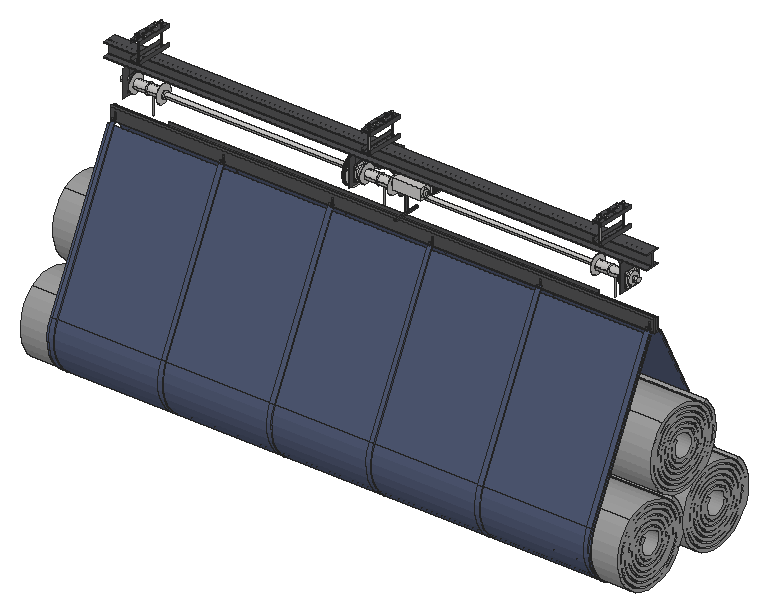
Revit family "Wrestling_Mat_Storage-PSS-4091", category Specialty Equipment, Revit 2019 (continued)
Definition of nested family "Wrestling_Mat_Storage-Hoist-PSS"
  Forms (in)
    Extrusion 16, solid, detail levels medium+fine
      from -6 to 6
    Extrusion 17, solid, detail levels medium+fine
      sketch origin (4.8125, 0, -284.25) x (0, 1, 0) y (0, 0, 1)
        loop
          circle (0, 284.25) r 1
        loop
          circle (0, 284.25) r 1.5
      from 1.375 to 2.375
    Extrusion 18, solid, detail levels medium+fine
      sketch origin (-4.8125, 0, -284.25) x (0, 1, 0) y (0, 0, -1)
        loop
          circle (0, -284.25) r 1
        loop
          circle (0, -284.25) r 1.5
      from 1.375 to 2.375
    Extrusion 19, solid, material <- "Superstructure Finish", detail levels medium+fine
      sketch origin (-2.4375, 0, -6.375) x (0, 1, 0) y (0, 0, -1)
        loop
          line (5, -13.625) -> (5, -1.625) -> (-5, -1.625) -> (-5, -13.625) -> (5, -13.625)
        loop
          circle (2.5625, -8.9375) r 0.25
        loop
          circle (-2.5625, -8.9375) r 0.25
        loop
          circle (2.5625, -3.8125) r 0.25
        loop
          circle (-2.5625, -3.8125) r 0.25
        loop
          circle (0, -6.375) r 1
      from 7.1875 to 7.5625
    Extrusion 20, solid, material <- "Superstructure Finish", detail levels medium+fine
      sketch origin (-1.9375, 1.90625, 0) x (1, 0, 0) y (0, 0, -1)
        loop
          line (-7.6875, -7.25) -> (-3.6875, -7.25) -> (-7.6875, -3.25) -> (-7.6875, -7.25)
      from 0 to 0.25
    Extrusion 21, solid, material <- "Superstructure Finish", detail levels medium+fine
      sketch origin (-1.9375, -1.90625, 0) x (1, 0, 0) y (0, 0, 1)
        loop
          line (-7.6875, 7.25) -> (-7.6875, 3.25) -> (-3.6875, 7.25) -> (-7.6875, 7.25)
      from 0 to 0.25
    Extrusion 22, solid, detail levels medium+fine
      sketch origin (-17.6875, 0, 0) x (0, 1, 0) y (0, 0, -1)
        loop
          arc (2.5625, -3.1875) -> (3.00444, -3.00444) -> (3.1875, -2.5625) r 0.625
          line (3.1875, -2.5625) -> (3.1875, 2.5625)
          arc (3.1875, 2.5625) -> (3.00444, 3.00444) -> (2.5625, 3.1875) r 0.625
          line (2.5625, 3.1875) -> (-2.5625, 3.1875)
          arc (-2.5625, 3.1875) -> (-3.00444, 3.00444) -> (-3.1875, 2.5625) r 0.625
          line (-3.1875, 2.5625) -> (-3.1875, -2.5625)
          arc (-3.1875, -2.5625) -> (-3.00444, -3.00444) -> (-2.5625, -3.1875) r 0.625
          line (-2.5625, -3.1875) -> (2.5625, -3.1875)
        loop
          circle (0, 0) r 1
        loop
          circle (2.5625, -2.5625) r 0.25
        loop
          circle (-2.5625, -2.5625) r 0.25
        loop
          circle (-2.5625, 2.5625) r 0.25
        loop
          circle (2.5625, 2.5625) r 0.25
      from -8.6875 to -8.0625
    Extrusion 23, solid, detail levels medium+fine
      sketch origin (-17.6875, 0, 0) x (0, 1, 0) y (0, 0, -1)
        loop
          arc (2.24472, -1.36083) -> (1.85616, -1.85616) -> (1.36083, -2.24472) r 2.625
          line (1.36083, -2.24472) -> (2.12056, -3.00444)
          arc (2.12056, -3.00444) -> (3.00444, -3.00444) -> (3.00444, -2.12056) r 0.625
          line (3.00444, -2.12056) -> (2.24472, -1.36083)
        loop
          circle (2.5625, -2.5625) r 0.25
        loop
          line (-2.24472, -1.36083) -> (-3.00444, -2.12056)
          arc (-3.00444, -2.12056) -> (-3.00444, -3.00444) -> (-2.12056, -3.00444) r 0.625
          line (-2.12056, -3.00444) -> (-1.36083, -2.24472)
          arc (-1.36083, -2.24472) -> (-1.85616, -1.85616) -> (-2.24472, -1.36083) r 2.625
        loop
          circle (-2.5625, -2.5625) r 0.25
        loop
          line (2.24472, 1.36083) -> (3.00444, 2.12056)
          arc (3.00444, 2.12056) -> (3.00444, 3.00444) -> (2.12056, 3.00444) r 0.625
          line (2.12056, 3.00444) -> (1.36083, 2.24472)
          arc (1.36083, 2.24472) -> (1.85616, 1.85616) -> (2.24472, 1.36083) r 2.625
        loop
          circle (2.5625, 2.5625) r 0.25
        loop
          arc (-2.24472, 1.36083) -> (-1.85616, 1.85616) -> (-1.36083, 2.24472) r 2.625
          line (-1.36083, 2.24472) -> (-2.12056, 3.00444)
          arc (-2.12056, 3.00444) -> (-3.00444, 3.00444) -> (-3.00444, 2.12056) r 0.625
          line (-3.00444, 2.12056) -> (-2.24472, 1.36083)
        loop
          circle (-2.5625, 2.5625) r 0.25
      from -8.875 to -8.6875
    Extrusion 24, solid, detail levels medium+fine
      sketch origin (-17.6875, 0, 0) x (0, 1, 0) y (0, 0, -1)
        loop
          circle (0, 0) r 2.625
        loop
          circle (0, 0) r 1.25
      from -9.8125 to -8.6875
    Extrusion 25, solid, detail levels medium+fine
      sketch origin (-17.6875, 0, 0) x (0, 1, 0) y (0, 0, -1)
        loop
          circle (0, 0) r 1
        loop
          circle (0, 0) r 1.25
      from -10.375 to -8.0625
    Extrusion 26, solid, detail levels fine
      sketch origin (-17.6875, 0, 0) x (0, 1, 0) y (0, 0, -1)
        loop
          line (2.76096, -2.21875) -> (2.36404, -2.21875) -> (2.16557, -2.5625) -> (2.36404, -2.90625) -> (2.76096, -2.90625) -> (2.95943, -2.5625) -> (2.76096, -2.21875)
        loop
          line (-2.76096, -2.21875) -> (-2.95943, -2.5625) -> (-2.76096, -2.90625) -> (-2.36404, -2.90625) -> (-2.16557, -2.5625) -> (-2.36404, -2.21875) -> (-2.76096, -2.21875)
        loop
          line (2.76096, 2.21875) -> (2.95943, 2.5625) -> (2.76096, 2.90625) -> (2.36404, 2.90625) -> (2.16557, 2.5625) -> (2.36404, 2.21875) -> (2.76096, 2.21875)
        loop
          line (-2.76096, 2.21875) -> (-2.36404, 2.21875) -> (-2.16557, 2.5625) -> (-2.36404, 2.90625) -> (-2.76096, 2.90625) -> (-2.95943, 2.5625) -> (-2.76096, 2.21875)
      from -9.3125 to -8.875
    Extrusion 27, solid, detail levels fine
      sketch origin (-1.125, 0, 0) x (0, 1, 0) y (0, 0, 1)
        loop
          line (2.76096, 2.21875) -> (2.95943, 2.5625) -> (2.76096, 2.90625) -> (2.36404, 2.90625) -> (2.16557, 2.5625) -> (2.36404, 2.21875) -> (2.76096, 2.21875)
        loop
          line (-2.76096, 2.21875) -> (-2.36404, 2.21875) -> (-2.16557, 2.5625) -> (-2.36404, 2.90625) -> (-2.76096, 2.90625) -> (-2.95943, 2.5625) -> (-2.76096, 2.21875)
        loop
          line (2.76096, -2.21875) -> (2.36404, -2.21875) -> (2.16557, -2.5625) -> (2.36404, -2.90625) -> (2.76096, -2.90625) -> (2.95943, -2.5625) -> (2.76096, -2.21875)
        loop
          line (-2.76096, -2.21875) -> (-2.95943, -2.5625) -> (-2.76096, -2.90625) -> (-2.36404, -2.90625) -> (-2.16557, -2.5625) -> (-2.36404, -2.21875) -> (-2.76096, -2.21875)
      from -9.3125 to -8.875
    Extrusion 28, solid, detail levels medium+fine
      sketch origin (-0.375, 0, 0) x (0, 1, 0) y (0, 0, 1)
        loop
          arc (6.18466, 0.1875) -> (6.1811, 0.28135) -> (6.17612, 0.37514) r 6.1875
          line (6.17612, 0.37514) -> (5.73397, 0.42902)
          arc (5.73397, 0.42902) -> (5.72622, 0.52237) -> (5.71695, 0.61559) r 5.75
          line (5.71695, 0.61559) -> (6.14205, 0.74858)
          arc (6.14205, 0.74858) -> (6.12998, 0.84172) -> (6.1165, 0.93467) r 6.1875
          line (6.1165, 0.93467) -> (5.67129, 0.94816)
          arc (5.67129, 0.94816) -> (5.65509, 1.04042) -> (5.63739, 1.13241) r 5.75
          line (5.63739, 1.13241) -> (6.04864, 1.30348)
          arc (6.04864, 1.30348) -> (6.02816, 1.39513) -> (6.00629, 1.48647) r 6.1875
          line (6.00629, 1.48647) -> (5.5617, 1.45946)
          arc (5.5617, 1.45946) -> (5.53718, 1.54987) -> (5.5112, 1.63987) r 5.75
          line (5.5112, 1.63987) -> (5.90521, 1.84759)
          arc (5.90521, 1.84759) -> (5.87649, 1.93701) -> (5.84641, 2.02598) r 6.1875
          line (5.84641, 2.02598) -> (5.40611, 1.95869)
          arc (5.40611, 1.95869) -> (5.37348, 2.0465) -> (5.33943, 2.13377) r 5.75
          line (5.33943, 2.13377) -> (5.71295, 2.37642)
          arc (5.71295, 2.37642) -> (5.67622, 2.46286) -> (5.63818, 2.54873) r 6.1875
          line (5.63818, 2.54873) -> (5.20581, 2.44172)
          arc (5.20581, 2.44172) -> (5.16534, 2.52621) -> (5.12351, 2.61002) r 5.75
          line (5.12351, 2.61002) -> (5.47343, 2.8856)
          arc (5.47343, 2.8856) -> (5.429, 2.96835) -> (5.38332, 3.05041) r 6.1875
          line (5.38332, 3.05041) -> (4.96246, 2.90456)
          arc (4.96246, 2.90456) -> (4.91449, 2.98502) -> (4.86521, 3.06468) r 5.75
          line (4.86521, 3.06468) -> (5.18865, 3.37092)
          arc (5.18865, 3.37092) -> (5.13689, 3.44928) -> (5.08394, 3.52685) r 6.1875
          line (5.08394, 3.52685) -> (4.67807, 3.34338)
          arc (4.67807, 3.34338) -> (4.62298, 3.41914) -> (4.56667, 3.494) r 5.75
          line (4.56667, 3.494) -> (4.86095, 3.82835)
          arc (4.86095, 3.82835) -> (4.80229, 3.90169) -> (4.74251, 3.97413) r 6.1875
          line (4.74251, 3.97413) -> (4.35499, 3.75454)
          arc (4.35499, 3.75454) -> (4.29325, 3.82499) -> (4.23037, 3.89442) r 5.75
          line (4.23037, 3.89442) -> (4.49306, 4.25413)
          arc (4.49306, 4.25413) -> (4.42797, 4.32183) -> (4.36186, 4.38854) r 6.1875
          line (4.36186, 4.38854) -> (3.99589, 4.13466)
          arc (3.99589, 4.13466) -> (3.928, 4.1992) -> (3.85908, 4.26263) r 5.75
          line (3.85908, 4.26263) -> (4.088, 4.64472)
          arc (4.088, 4.64472) -> (4.01703, 4.70623) -> (3.94514, 4.76666) r 6.1875
          line (3.94514, 4.76666) -> (3.60374, 4.48057)
          arc (3.60374, 4.48057) -> (3.53027, 4.53869) -> (3.45587, 4.59559) r 5.75
          line (3.45587, 4.59559) -> (3.64914, 4.99689)
          arc (3.64914, 4.99689) -> (3.57287, 5.05171) -> (3.49579, 5.10535) r 6.1875
          line (3.49579, 5.10535) -> (3.18179, 4.78944)
          arc (3.18179, 4.78944) -> (3.10335, 4.84063) -> (3.02408, 4.89055) r 5.75
          line (3.02408, 4.89055) -> (3.18009, 5.30775)
          arc (3.18009, 5.30775) -> (3.09916, 5.3554) -> (3.01752, 5.40183) r 6.1875
          line (3.01752, 5.40183) -> (2.73353, 5.05869)
          arc (2.73353, 5.05869) -> (2.65076, 5.10255) -> (2.56728, 5.14505) r 5.75
          line (2.56728, 5.14505) -> (2.68475, 5.5747)
          arc (2.68475, 5.5747) -> (2.59982, 5.61481) -> (2.5143, 5.65362) r 6.1875
          line (2.5143, 5.65362) -> (2.26266, 5.2861)
          arc (2.26266, 5.2861) -> (2.17624, 5.32226) -> (2.08925, 5.35701) r 5.75
          line (2.08925, 5.35701) -> (2.1672, 5.79555)
          arc (2.1672, 5.79555) -> (2.07898, 5.82778) -> (1.99029, 5.85866) r 6.1875
          line (1.99029, 5.85866) -> (1.77307, 5.4698)
          arc (1.77307, 5.4698) -> (1.68373, 5.49796) -> (1.59394, 5.52466) r 5.75
          line (1.59394, 5.52466) -> (1.63173, 5.96847)
          arc (1.63173, 5.96847) -> (1.54095, 5.99255) -> (1.44981, 6.01525) r 6.1875
          line (1.44981, 6.01525) -> (1.26882, 5.60826)
          arc (1.26882, 5.60826) -> (1.17729, 5.62819) -> (1.08545, 5.64662) r 5.75
          line (1.08545, 5.64662) -> (1.08276, 6.09203)
          arc (1.08276, 6.09203) -> (0.99017, 6.10776) -> (0.89735, 6.12208) r 6.1875
          line (0.89735, 6.12208) -> (0.75408, 5.70034)
          arc (0.75408, 5.70034) -> (0.66112, 5.71187) -> (0.56798, 5.72188) r 5.75
          line (0.56798, 5.72188) -> (0.52484, 6.1652)
          arc (0.52484, 6.1652) -> (0.4312, 6.17246) -> (0.33746, 6.17829) r 6.1875
          line (0.33746, 6.17829) -> (0.2331, 5.74527)
          arc (0.2331, 5.74527) -> (0.13948, 5.74831) -> (0.04582, 5.74982) r 5.75
          line (0.04582, 5.74982) -> (-0.03742, 6.18739)
          arc (-0.03742, 6.18739) -> (-0.13133, 6.18611) -> (-0.22521, 6.1834) r 6.1875
          line (-0.22521, 6.1834) -> (-0.28981, 5.74269)
          arc (-0.28981, 5.74269) -> (-0.38332, 5.73721) -> (-0.47673, 5.7302) r 5.75
          line (-0.47673, 5.7302) -> (-0.59938, 6.1584)
          arc (-0.59938, 6.1584) -> (-0.69278, 6.14859) -> (-0.78603, 6.13737) r 6.1875
          line (-0.78603, 6.13737) -> (-0.81032, 5.69262)
          arc (-0.81032, 5.69262) -> (-0.90294, 5.67866) -> (-0.99533, 5.6632) r 5.75
          line (-0.99533, 5.6632) -> (-1.15637, 6.07848)
          arc (-1.15637, 6.07848) -> (-1.2485, 6.06023) -> (-1.34034, 6.04058) r 6.1875
          line (-1.34034, 6.04058) -> (-1.32412, 5.59546)
          arc (-1.32412, 5.59546) -> (-1.4151, 5.57315) -> (-1.5057, 5.54936) r 5.75
          line (-1.5057, 5.54936) -> (-1.70381, 5.94829)
          arc (-1.70381, 5.94829) -> (-1.79389, 5.92175) -> (-1.88357, 5.89384) r 6.1875
          line (-1.88357, 5.89384) -> (-1.82698, 5.45203)
          arc (-1.82698, 5.45203) -> (-1.91556, 5.42154) -> (-2.00362, 5.38962) r 5.75
          line (-2.00362, 5.38962) -> (-2.23715, 5.76891)
          arc (-2.23715, 5.76891) -> (-2.32445, 5.73429) -> (-2.41122, 5.69835) r 6.1875
          line (-2.41122, 5.69835) -> (-2.31473, 5.26351)
          arc (-2.31473, 5.26351) -> (-2.40017, 5.2251) -> (-2.48497, 5.18531) r 5.75
          line (-2.48497, 5.18531) -> (-2.75199, 5.54182)
          arc (-2.75199, 5.54182) -> (-2.83578, 5.49941) -> (-2.91893, 5.45573) r 6.1875
          line (-2.91893, 5.45573) -> (-2.78333, 5.03146)
          arc (-2.78333, 5.03146) -> (-2.86493, 4.98545) -> (-2.94576, 4.93811) r 5.75
          line (-2.94576, 4.93811) -> (-3.24407, 5.26889)
          arc (-3.24407, 5.26889) -> (-3.32366, 5.21904) -> (-3.4025, 5.168) r 6.1875
          line (-3.4025, 5.168) -> (-3.22892, 4.75779)
          arc (-3.22892, 4.75779) -> (-3.306, 4.70456) -> (-3.3822, 4.65008) r 5.75
          line (-3.3822, 4.65008) -> (-3.70932, 4.95239)
          arc (-3.70932, 4.95239) -> (-3.78406, 4.89552) -> (-3.85793, 4.83752) r 6.1875
          line (-3.85793, 4.83752) -> (-3.6478, 4.44478)
          arc (-3.6478, 4.44478) -> (-3.71972, 4.38477) -> (-3.79066, 4.32359) r 5.75
          line (-3.79066, 4.32359) -> (-4.14389, 4.59493)
          arc (-4.14389, 4.59493) -> (-4.21315, 4.5315) -> (-4.28145, 4.46703) r 6.1875
          line (-4.28145, 4.46703) -> (-4.03651, 4.09501)
          arc (-4.03651, 4.09501) -> (-4.10268, 4.02871) -> (-4.16777, 3.96134) r 5.75
          line (-4.16777, 3.96134) -> (-4.54419, 4.19946)
          arc (-4.54419, 4.19946) -> (-4.60741, 4.13001) -> (-4.66956, 4.0596) r 6.1875
          line (-4.66956, 4.0596) -> (-4.39184, 3.71137)
          arc (-4.39184, 3.71137) -> (-4.45172, 3.63933) -> (-4.51041, 3.56633) r 5.75
          line (-4.51041, 3.56633) -> (-4.90691, 3.76927)
          arc (-4.90691, 3.76927) -> (-4.96355, 3.69436) -> (-5.01906, 3.6186) r 6.1875
          line (-5.01906, 3.6186) -> (-4.71085, 3.29703)
          arc (-4.71085, 3.29703) -> (-4.76393, 3.21985) -> (-4.81575, 3.14182) r 5.75
          line (-4.81575, 3.14182) -> (-5.22905, 3.30791)
          arc (-5.22905, 3.30791) -> (-5.27865, 3.22816) -> (-5.32704, 3.14767) r 6.1875
          line (-5.32704, 3.14767) -> (-4.99089, 2.85543)
          arc (-4.99089, 2.85543) -> (-5.03675, 2.77375) -> (-5.08126, 2.69133) r 5.75
          line (-5.08126, 2.69133) -> (-5.50794, 2.81918)
          arc (-5.50794, 2.81918) -> (-5.55009, 2.73526) -> (-5.59097, 2.6507) r 6.1875
          line (-5.59097, 2.6507) -> (-5.22966, 2.39021)
          arc (-5.22966, 2.39021) -> (-5.26791, 2.3047) -> (-5.30475, 2.21858) r 5.75
          line (-5.30475, 2.21858) -> (-5.74128, 2.30714)
          arc (-5.74128, 2.30714) -> (-5.77563, 2.21973) -> (-5.80866, 2.13182) r 6.1875
          line (-5.80866, 2.13182) -> (-5.42518, 1.90523)
          arc (-5.42518, 1.90523) -> (-5.4555, 1.8166) -> (-5.48437, 1.72748) r 5.75
          line (-5.48437, 1.72748) -> (-5.92713, 1.77602)
          arc (-5.92713, 1.77602) -> (-5.95341, 1.68585) -> (-5.97831, 1.5953) r 6.1875
          line (-5.97831, 1.5953) -> (-5.57583, 1.40449)
          arc (-5.57583, 1.40449) -> (-5.59797, 1.31347) -> (-5.61863, 1.2221) r 5.75
          line (-5.61863, 1.2221) -> (-6.06397, 1.23021)
          arc (-6.06397, 1.23021) -> (-6.08194, 1.13803) -> (-6.09852, 1.04559) r 6.1875
          line (-6.09852, 1.04559) -> (-5.68037, 0.89213)
          arc (-5.68037, 0.89213) -> (-5.69415, 0.79948) -> (-5.70642, 0.70661) r 5.75
          line (-5.70642, 0.70661) -> (-6.15066, 0.67423)
          arc (-6.15066, 0.67423) -> (-6.16018, 0.5808) -> (-6.16829, 0.48723) r 6.1875
          line (-6.16829, 0.48723) -> (-5.73793, 0.37239)
          arc (-5.73793, 0.37239) -> (-5.74323, 0.27887) -> (-5.74701, 0.18527) r 5.75
          line (-5.74701, 0.18527) -> (-6.18647, 0.11267)
          arc (-6.18647, 0.11267) -> (-6.1875, 0) -> (-6.18647, -0.11267) r 6.1875
          line (-6.18647, -0.11267) -> (-5.74701, -0.18527)
          arc (-5.74701, -0.18527) -> (-5.74323, -0.27887) -> (-5.73793, -0.37239) r 5.75
          line (-5.73793, -0.37239) -> (-6.16829, -0.48723)
          arc (-6.16829, -0.48723) -> (-6.16018, -0.5808) -> (-6.15066, -0.67423) r 6.1875
          line (-6.15066, -0.67423) -> (-5.70642, -0.70661)
          arc (-5.70642, -0.70661) -> (-5.69415, -0.79948) -> (-5.68037, -0.89213) r 5.75
          line (-5.68037, -0.89213) -> (-6.09852, -1.04559)
          arc (-6.09852, -1.04559) -> (-6.08194, -1.13803) -> (-6.06397, -1.23021) r 6.1875
          line (-6.06397, -1.23021) -> (-5.61863, -1.2221)
          arc (-5.61863, -1.2221) -> (-5.59797, -1.31347) -> (-5.57583, -1.40449) r 5.75
          line (-5.57583, -1.40449) -> (-5.97831, -1.5953)
          arc (-5.97831, -1.5953) -> (-5.95341, -1.68585) -> (-5.92713, -1.77602) r 6.1875
          line (-5.92713, -1.77602) -> (-5.48437, -1.72748)
          arc (-5.48437, -1.72748) -> (-5.4555, -1.8166) -> (-5.42518, -1.90523) r 5.75
          line (-5.42518, -1.90523) -> (-5.80866, -2.13182)
          arc (-5.80866, -2.13182) -> (-5.77563, -2.21973) -> (-5.74128, -2.30714) r 6.1875
          line (-5.74128, -2.30714) -> (-5.30475, -2.21858)
          arc (-5.30475, -2.21858) -> (-5.26791, -2.3047) -> (-5.22966, -2.39021) r 5.75
          line (-5.22966, -2.39021) -> (-5.59097, -2.6507)
          arc (-5.59097, -2.6507) -> (-5.55009, -2.73526) -> (-5.50794, -2.81918) r 6.1875
          line (-5.50794, -2.81918) -> (-5.08126, -2.69133)
          arc (-5.08126, -2.69133) -> (-5.03675, -2.77375) -> (-4.99089, -2.85543) r 5.75
          line (-4.99089, -2.85543) -> (-5.32704, -3.14767)
          arc (-5.32704, -3.14767) -> (-5.27865, -3.22816) -> (-5.22905, -3.30791) r 6.1875
          line (-5.22905, -3.30791) -> (-4.81575, -3.14182)
          arc (-4.81575, -3.14182) -> (-4.76393, -3.21985) -> (-4.71085, -3.29703) r 5.75
          line (-4.71085, -3.29703) -> (-5.01906, -3.6186)
          arc (-5.01906, -3.6186) -> (-4.96355, -3.69436) -> (-4.90691, -3.76927) r 6.1875
          line (-4.90691, -3.76927) -> (-4.51041, -3.56633)
          arc (-4.51041, -3.56633) -> (-4.45172, -3.63933) -> (-4.39184, -3.71137) r 5.75
          line (-4.39184, -3.71137) -> (-4.66956, -4.0596)
          arc (-4.66956, -4.0596) -> (-4.60741, -4.13001) -> (-4.54419, -4.19946) r 6.1875
          line (-4.54419, -4.19946) -> (-4.16777, -3.96134)
          arc (-4.16777, -3.96134) -> (-4.10268, -4.02871) -> (-4.03651, -4.09501) r 5.75
          line (-4.03651, -4.09501) -> (-4.28145, -4.46703)
          arc (-4.28145, -4.46703) -> (-4.21315, -4.5315) -> (-4.14389, -4.59493) r 6.1875
          line (-4.14389, -4.59493) -> (-3.79066, -4.32359)
          arc (-3.79066, -4.32359) -> (-3.71972, -4.38477) -> (-3.6478, -4.44478) r 5.75
          line (-3.6478, -4.44478) -> (-3.85793, -4.83752)
          arc (-3.85793, -4.83752) -> (-3.78406, -4.89552) -> (-3.70932, -4.95239) r 6.1875
          line (-3.70932, -4.95239) -> (-3.3822, -4.65008)
          arc (-3.3822, -4.65008) -> (-3.306, -4.70456) -> (-3.22892, -4.75779) r 5.75
          line (-3.22892, -4.75779) -> (-3.4025, -5.168)
          arc (-3.4025, -5.168) -> (-3.32366, -5.21904) -> (-3.24407, -5.26889) r 6.1875
          line (-3.24407, -5.26889) -> (-2.94576, -4.93811)
          arc (-2.94576, -4.93811) -> (-2.86493, -4.98545) -> (-2.78333, -5.03146) r 5.75
          line (-2.78333, -5.03146) -> (-2.91893, -5.45573)
          arc (-2.91893, -5.45573) -> (-2.83578, -5.49941) -> (-2.75199, -5.54182) r 6.1875
          line (-2.75199, -5.54182) -> (-2.48497, -5.18531)
          arc (-2.48497, -5.18531) -> (-2.40017, -5.2251) -> (-2.31473, -5.26351) r 5.75
          line (-2.31473, -5.26351) -> (-2.41122, -5.69835)
          arc (-2.41122, -5.69835) -> (-2.32445, -5.73429) -> (-2.23715, -5.76891) r 6.1875
          line (-2.23715, -5.76891) -> (-2.00362, -5.38962)
          arc (-2.00362, -5.38962) -> (-1.91556, -5.42154) -> (-1.82698, -5.45203) r 5.75
          line (-1.82698, -5.45203) -> (-1.88357, -5.89384)
          arc (-1.88357, -5.89384) -> (-1.79389, -5.92175) -> (-1.70381, -5.94829) r 6.1875
          line (-1.70381, -5.94829) -> (-1.5057, -5.54936)
          arc (-1.5057, -5.54936) -> (-1.4151, -5.57315) -> (-1.32412, -5.59546) r 5.75
          line (-1.32412, -5.59546) -> (-1.34034, -6.04058)
          arc (-1.34034, -6.04058) -> (-1.2485, -6.06023) -> (-1.15637, -6.07848) r 6.1875
          line (-1.15637, -6.07848) -> (-0.99533, -5.6632)
          arc (-0.99533, -5.6632) -> (-0.90294, -5.67866) -> (-0.81032, -5.69262) r 5.75
          line (-0.81032, -5.69262) -> (-0.78603, -6.13737)
          arc (-0.78603, -6.13737) -> (-0.69278, -6.14859) -> (-0.59938, -6.1584) r 6.1875
          line (-0.59938, -6.1584) -> (-0.47673, -5.7302)
          arc (-0.47673, -5.7302) -> (-0.38332, -5.73721) -> (-0.28981, -5.74269) r 5.75
          line (-0.28981, -5.74269) -> (-0.22521, -6.1834)
          arc (-0.22521, -6.1834) -> (-0.13133, -6.18611) -> (-0.03742, -6.18739) r 6.1875
          line (-0.03742, -6.18739) -> (0.04582, -5.74982)
          arc (0.04582, -5.74982) -> (0.13948, -5.74831) -> (0.2331, -5.74527) r 5.75
          line (0.2331, -5.74527) -> (0.33746, -6.17829)
          arc (0.33746, -6.17829) -> (0.4312, -6.17246) -> (0.52484, -6.1652) r 6.1875
          line (0.52484, -6.1652) -> (0.56798, -5.72188)
          arc (0.56798, -5.72188) -> (0.66112, -5.71187) -> (0.75408, -5.70034) r 5.75
          line (0.75408, -5.70034) -> (0.89735, -6.12208)
          arc (0.89735, -6.12208) -> (0.99017, -6.10776) -> (1.08276, -6.09203) r 6.1875
          line (1.08276, -6.09203) -> (1.08545, -5.64662)
          arc (1.08545, -5.64662) -> (1.17729, -5.62819) -> (1.26882, -5.60826) r 5.75
          line (1.26882, -5.60826) -> (1.44981, -6.01525)
          arc (1.44981, -6.01525) -> (1.54095, -5.99255) -> (1.63173, -5.96847) r 6.1875
          line (1.63173, -5.96847) -> (1.59394, -5.52466)
          arc (1.59394, -5.52466) -> (1.68373, -5.49796) -> (1.77307, -5.4698) r 5.75
          line (1.77307, -5.4698) -> (1.99029, -5.85866)
          arc (1.99029, -5.85866) -> (2.07898, -5.82778) -> (2.1672, -5.79555) r 6.1875
          line (2.1672, -5.79555) -> (2.08925, -5.35701)
          arc (2.08925, -5.35701) -> (2.17624, -5.32226) -> (2.26266, -5.2861) r 5.75
          line (2.26266, -5.2861) -> (2.5143, -5.65362)
          arc (2.5143, -5.65362) -> (2.59982, -5.61481) -> (2.68475, -5.5747) r 6.1875
          line (2.68475, -5.5747) -> (2.56728, -5.14505)
          arc (2.56728, -5.14505) -> (2.65076, -5.10255) -> (2.73353, -5.05869) r 5.75
          line (2.73353, -5.05869) -> (3.01752, -5.40183)
          arc (3.01752, -5.40183) -> (3.09916, -5.3554) -> (3.18009, -5.30775) r 6.1875
          line (3.18009, -5.30775) -> (3.02408, -4.89055)
          arc (3.02408, -4.89055) -> (3.10335, -4.84063) -> (3.18179, -4.78944) r 5.75
          line (3.18179, -4.78944) -> (3.49579, -5.10535)
          arc (3.49579, -5.10535) -> (3.57287, -5.05171) -> (3.64914, -4.99689) r 6.1875
          line (3.64914, -4.99689) -> (3.45587, -4.59559)
          arc (3.45587, -4.59559) -> (3.53027, -4.53869) -> (3.60374, -4.48057) r 5.75
          line (3.60374, -4.48057) -> (3.94514, -4.76666)
          arc (3.94514, -4.76666) -> (4.01703, -4.70623) -> (4.088, -4.64472) r 6.1875
          line (4.088, -4.64472) -> (3.85908, -4.26263)
          arc (3.85908, -4.26263) -> (3.928, -4.1992) -> (3.99589, -4.13466) r 5.75
          line (3.99589, -4.13466) -> (4.36186, -4.38854)
          arc (4.36186, -4.38854) -> (4.42797, -4.32183) -> (4.49306, -4.25413) r 6.1875
          line (4.49306, -4.25413) -> (4.23037, -3.89442)
          arc (4.23037, -3.89442) -> (4.29325, -3.82499) -> (4.35499, -3.75454) r 5.75
          line (4.35499, -3.75454) -> (4.74251, -3.97413)
          arc (4.74251, -3.97413) -> (4.80229, -3.90169) -> (4.86095, -3.82835) r 6.1875
          line (4.86095, -3.82835) -> (4.56667, -3.494)
          arc (4.56667, -3.494) -> (4.62298, -3.41914) -> (4.67807, -3.34338) r 5.75
          line (4.67807, -3.34338) -> (5.08394, -3.52685)
          arc (5.08394, -3.52685) -> (5.13689, -3.44928) -> (5.18865, -3.37092) r 6.1875
          line (5.18865, -3.37092) -> (4.86521, -3.06468)
          arc (4.86521, -3.06468) -> (4.91449, -2.98502) -> (4.96246, -2.90456) r 5.75
          line (4.96246, -2.90456) -> (5.38332, -3.05041)
          arc (5.38332, -3.05041) -> (5.429, -2.96835) -> (5.47343, -2.8856) r 6.1875
          line (5.47343, -2.8856) -> (5.12351, -2.61002)
          arc (5.12351, -2.61002) -> (5.16534, -2.52621) -> (5.20581, -2.44172) r 5.75
          line (5.20581, -2.44172) -> (5.63818, -2.54873)
          arc (5.63818, -2.54873) -> (5.67622, -2.46286) -> (5.71295, -2.37642) r 6.1875
          line (5.71295, -2.37642) -> (5.33943, -2.13377)
          arc (5.33943, -2.13377) -> (5.37348, -2.0465) -> (5.40611, -1.95869) r 5.75
          line (5.40611, -1.95869) -> (5.84641, -2.02598)
          arc (5.84641, -2.02598) -> (5.87649, -1.93701) -> (5.90521, -1.84759) r 6.1875
          line (5.90521, -1.84759) -> (5.5112, -1.63987)
          arc (5.5112, -1.63987) -> (5.53718, -1.54987) -> (5.5617, -1.45946) r 5.75
          line (5.5617, -1.45946) -> (6.00629, -1.48647)
          arc (6.00629, -1.48647) -> (6.02816, -1.39513) -> (6.04864, -1.30348) r 6.1875
          line (6.04864, -1.30348) -> (5.63739, -1.13241)
          arc (5.63739, -1.13241) -> (5.65509, -1.04042) -> (5.67129, -0.94816) r 5.75
          line (5.67129, -0.94816) -> (6.1165, -0.93467)
          arc (6.1165, -0.93467) -> (6.12998, -0.84172) -> (6.14205, -0.74858) r 6.1875
          line (6.14205, -0.74858) -> (5.71695, -0.61559)
          arc (5.71695, -0.61559) -> (5.72622, -0.52237) -> (5.73397, -0.42902) r 5.75
          line (5.73397, -0.42902) -> (6.17612, -0.37514)
          arc (6.17612, -0.37514) -> (6.1811, -0.28135) -> (6.18466, -0.1875) r 6.1875
          line (6.18466, -0.1875) -> (5.74924, -0.09367)
          arc (5.74924, -0.09367) -> (5.75, 0) -> (5.74924, 0.09367) r 5.75
          line (5.74924, 0.09367) -> (6.18466, 0.1875)
        loop
          circle (0, 0) r 5
      from -11.75 to -10
    Extrusion 29, solid, detail levels medium+fine
      sketch origin (-0.375, 0, 0) x (0, 1, 0) y (0, 0, 1)
        loop
          circle (0, 0) r 2.375
        loop
          arc (0.21651, -2.625) -> (0, -2.5) -> (-0.21651, -2.625) r 0.25
          line (-0.21651, -2.625) -> (-1.21651, -4.35705)
          arc (-1.21651, -4.35705) -> (-1.21651, -4.60705) -> (-1, -4.73205) r 0.25
          arc (-1, -4.73205) -> (0, -4.83851) -> (1, -4.73205) r 4.75
          arc (1, -4.73205) -> (1.21651, -4.60705) -> (1.21651, -4.35705) r 0.25
          line (1.21651, -4.35705) -> (0.21651, -2.625)
        loop
          arc (2.30492, -1.16925) -> (2.08841, -1.29425) -> (2.08841, -1.54425) r 0.25
          line (2.08841, -1.54425) -> (3.08841, -3.2763)
          arc (3.08841, -3.2763) -> (3.30492, -3.4013) -> (3.52143, -3.2763) r 0.25
          arc (3.52143, -3.2763) -> (4.11362, -2.46351) -> (4.52143, -1.54425) r 4.75
          arc (4.52143, -1.54425) -> (4.52143, -1.29425) -> (4.30492, -1.16925) r 0.25
          line (4.30492, -1.16925) -> (2.30492, -1.16925)
        loop
          arc (2.16506, 1.41149) -> (2.16506, 1.16149) -> (2.38157, 1.03649) r 0.25
          line (2.38157, 1.03649) -> (4.38157, 1.03649)
          arc (4.38157, 1.03649) -> (4.59808, 1.16149) -> (4.59808, 1.41149) r 0.25
          arc (4.59808, 1.41149) -> (4.19027, 2.33075) -> (3.59808, 3.14354) r 4.75
          arc (3.59808, 3.14354) -> (3.38157, 3.26854) -> (3.16506, 3.14354) r 0.25
          line (3.16506, 3.14354) -> (2.16506, 1.41149)
        loop
          line (-2.16506, 1.41149) -> (-3.16506, 3.14354)
          arc (-3.16506, 3.14354) -> (-3.38157, 3.26854) -> (-3.59808, 3.14354) r 0.25
          arc (-3.59808, 3.14354) -> (-4.19027, 2.33075) -> (-4.59808, 1.41149) r 4.75
          arc (-4.59808, 1.41149) -> (-4.59808, 1.16149) -> (-4.38157, 1.03649) r 0.25
          line (-4.38157, 1.03649) -> (-2.38157, 1.03649)
          arc (-2.38157, 1.03649) -> (-2.16506, 1.16149) -> (-2.16506, 1.41149) r 0.25
        loop
          line (0.21651, 2.625) -> (1.21651, 4.35705)
          arc (1.21651, 4.35705) -> (1.21651, 4.60705) -> (1, 4.73205) r 0.25
          arc (1, 4.73205) -> (0, 4.83851) -> (-1, 4.73205) r 4.75
          arc (-1, 4.73205) -> (-1.21651, 4.60705) -> (-1.21651, 4.35705) r 0.25
          line (-1.21651, 4.35705) -> (-0.21651, 2.625)
          arc (-0.21651, 2.625) -> (0, 2.5) -> (0.21651, 2.625) r 0.25
        loop
          line (-2.30492, -1.16925) -> (-4.30492, -1.16925)
          arc (-4.30492, -1.16925) -> (-4.52143, -1.29425) -> (-4.52143, -1.54425) r 0.25
          arc (-4.52143, -1.54425) -> (-4.11362, -2.46351) -> (-3.52143, -3.2763) r 4.75
          arc (-3.52143, -3.2763) -> (-3.30492, -3.4013) -> (-3.08841, -3.2763) r 0.25
          line (-3.08841, -3.2763) -> (-2.08841, -1.54425)
          arc (-2.08841, -1.54425) -> (-2.08841, -1.29425) -> (-2.30492, -1.16925) r 0.25
        loop
          circle (0, 0) r 5
      from -11.5 to -10.25
    Extrusion 30, solid, detail levels medium+fine
      sketch origin (0, 0, 0) x (0, 1, 0) y (0, 0, 1)
        loop
          circle (0, 0) r 1
        loop
          circle (0, 0) r 2.375
      from -13.375 to -10.375
    Extrusion 31, solid, detail levels medium+fine
      sketch origin (-0.375, 7.625, 3) x (0, 1, 0) y (0, 0, 1)
        loop
          circle (0, 0) r 0.75
        loop
          arc (-2.20308, -0.88717) -> (-2.18582, -0.92889) -> (-2.16776, -0.97027) r 2.375
          line (-2.16776, -0.97027) -> (-1.78043, -0.91108)
          arc (-1.78043, -0.91108) -> (-1.71503, -1.02893) -> (-1.64183, -1.1421) r 2
          line (-1.64183, -1.1421) -> (-1.89839, -1.42714)
          arc (-1.89839, -1.42714) -> (-1.87092, -1.46297) -> (-1.84278, -1.49827) r 2.375
          line (-1.84278, -1.49827) -> (-1.48396, -1.34084)
          arc (-1.48396, -1.34084) -> (-1.39028, -1.43775) -> (-1.29029, -1.52812) r 2
          line (-1.29029, -1.52812) -> (-1.46433, -1.86985)
          arc (-1.46433, -1.86985) -> (-1.42853, -1.89735) -> (-1.39221, -1.92416) r 2.375
          line (-1.39221, -1.92416) -> (-1.08636, -1.67923)
          arc (-1.08636, -1.67923) -> (-0.97079, -1.74859) -> (-0.85082, -1.81) r 2
          line (-0.85082, -1.81) -> (-0.93048, -2.18514)
          arc (-0.93048, -2.18514) -> (-0.88878, -2.20243) -> (-0.84676, -2.21892) r 2.375
          line (-0.84676, -2.21892) -> (-0.61473, -1.90318)
          arc (-0.61473, -1.90318) -> (-0.48515, -1.94027) -> (-0.35336, -1.96854) r 2
          line (-0.35336, -1.96854) -> (-0.33322, -2.35151)
          arc (-0.33322, -2.35151) -> (-0.28847, -2.35742) -> (-0.24361, -2.36247) r 2.375
          line (-0.24361, -2.36247) -> (-0.1012, -1.99744)
          arc (-0.1012, -1.99744) -> (0.03356, -1.99972) -> (0.16817, -1.99292) r 2
          line (0.16817, -1.99292) -> (0.28675, -2.35763)
          arc (0.28675, -2.35763) -> (0.33151, -2.35175) -> (0.37615, -2.34502) r 2.375
          line (0.37615, -2.34502) -> (0.41922, -1.95557)
          arc (0.41922, -1.95557) -> (0.54998, -1.92289) -> (0.67825, -1.88148) r 2
          line (0.67825, -1.88148) -> (0.88717, -2.20308)
          arc (0.88717, -2.20308) -> (0.92889, -2.18582) -> (0.97027, -2.16776) r 2.375
          line (0.97027, -2.16776) -> (0.91108, -1.78043)
          arc (0.91108, -1.78043) -> (1.02893, -1.71503) -> (1.1421, -1.64183) r 2
          line (1.1421, -1.64183) -> (1.42714, -1.89839)
          arc (1.42714, -1.89839) -> (1.46297, -1.87092) -> (1.49827, -1.84278) r 2.375
          line (1.49827, -1.84278) -> (1.34084, -1.48396)
          arc (1.34084, -1.48396) -> (1.43775, -1.39028) -> (1.52812, -1.29029) r 2
          line (1.52812, -1.29029) -> (1.86985, -1.46433)
          arc (1.86985, -1.46433) -> (1.89735, -1.42853) -> (1.92416, -1.39221) r 2.375
          line (1.92416, -1.39221) -> (1.67923, -1.08636)
          arc (1.67923, -1.08636) -> (1.74859, -0.97079) -> (1.81, -0.85082) r 2
          line (1.81, -0.85082) -> (2.18514, -0.93048)
          arc (2.18514, -0.93048) -> (2.20243, -0.88878) -> (2.21892, -0.84676) r 2.375
          line (2.21892, -0.84676) -> (1.90318, -0.61473)
          arc (1.90318, -0.61473) -> (1.94027, -0.48515) -> (1.96854, -0.35336) r 2
          line (1.96854, -0.35336) -> (2.35151, -0.33322)
          arc (2.35151, -0.33322) -> (2.35742, -0.28847) -> (2.36247, -0.24361) r 2.375
          line (2.36247, -0.24361) -> (1.99744, -0.1012)
          arc (1.99744, -0.1012) -> (1.99972, 0.03356) -> (1.99292, 0.16817) r 2
          line (1.99292, 0.16817) -> (2.35763, 0.28675)
          arc (2.35763, 0.28675) -> (2.35175, 0.33151) -> (2.34502, 0.37615) r 2.375
          line (2.34502, 0.37615) -> (1.95557, 0.41922)
          arc (1.95557, 0.41922) -> (1.92289, 0.54998) -> (1.88148, 0.67825) r 2
          line (1.88148, 0.67825) -> (2.20308, 0.88717)
          arc (2.20308, 0.88717) -> (2.18582, 0.92889) -> (2.16776, 0.97027) r 2.375
          line (2.16776, 0.97027) -> (1.78043, 0.91108)
          arc (1.78043, 0.91108) -> (1.71503, 1.02893) -> (1.64183, 1.1421) r 2
          line (1.64183, 1.1421) -> (1.89839, 1.42714)
          arc (1.89839, 1.42714) -> (1.87092, 1.46297) -> (1.84278, 1.49827) r 2.375
          line (1.84278, 1.49827) -> (1.48396, 1.34084)
          arc (1.48396, 1.34084) -> (1.39028, 1.43775) -> (1.29029, 1.52812) r 2
          line (1.29029, 1.52812) -> (1.46433, 1.86985)
          arc (1.46433, 1.86985) -> (1.42853, 1.89735) -> (1.39221, 1.92416) r 2.375
          line (1.39221, 1.92416) -> (1.08636, 1.67923)
          arc (1.08636, 1.67923) -> (0.97079, 1.74859) -> (0.85082, 1.81) r 2
          line (0.85082, 1.81) -> (0.93048, 2.18514)
          arc (0.93048, 2.18514) -> (0.88878, 2.20243) -> (0.84676, 2.21892) r 2.375
          line (0.84676, 2.21892) -> (0.61473, 1.90318)
          arc (0.61473, 1.90318) -> (0.48515, 1.94027) -> (0.35336, 1.96854) r 2
          line (0.35336, 1.96854) -> (0.33322, 2.35151)
          arc (0.33322, 2.35151) -> (0.28847, 2.35742) -> (0.24361, 2.36247) r 2.375
          line (0.24361, 2.36247) -> (0.1012, 1.99744)
          arc (0.1012, 1.99744) -> (-0.03356, 1.99972) -> (-0.16817, 1.99292) r 2
          line (-0.16817, 1.99292) -> (-0.28675, 2.35763)
          arc (-0.28675, 2.35763) -> (-0.33151, 2.35175) -> (-0.37615, 2.34502) r 2.375
          line (-0.37615, 2.34502) -> (-0.41922, 1.95557)
          arc (-0.41922, 1.95557) -> (-0.54998, 1.92289) -> (-0.67825, 1.88148) r 2
          line (-0.67825, 1.88148) -> (-0.88717, 2.20308)
          arc (-0.88717, 2.20308) -> (-0.92889, 2.18582) -> (-0.97027, 2.16776) r 2.375
          line (-0.97027, 2.16776) -> (-0.91108, 1.78043)
          arc (-0.91108, 1.78043) -> (-1.02893, 1.71503) -> (-1.1421, 1.64183) r 2
          line (-1.1421, 1.64183) -> (-1.42714, 1.89839)
          arc (-1.42714, 1.89839) -> (-1.46297, 1.87092) -> (-1.49827, 1.84278) r 2.375
          line (-1.49827, 1.84278) -> (-1.34084, 1.48396)
          arc (-1.34084, 1.48396) -> (-1.43775, 1.39028) -> (-1.52812, 1.29029) r 2
          line (-1.52812, 1.29029) -> (-1.86985, 1.46433)
          arc (-1.86985, 1.46433) -> (-1.89735, 1.42853) -> (-1.92416, 1.39221) r 2.375
          line (-1.92416, 1.39221) -> (-1.67923, 1.08636)
          arc (-1.67923, 1.08636) -> (-1.74859, 0.97079) -> (-1.81, 0.85082) r 2
          line (-1.81, 0.85082) -> (-2.18514, 0.93048)
          arc (-2.18514, 0.93048) -> (-2.20243, 0.88878) -> (-2.21892, 0.84676) r 2.375
          line (-2.21892, 0.84676) -> (-1.90318, 0.61473)
          arc (-1.90318, 0.61473) -> (-1.94027, 0.48515) -> (-1.96854, 0.35336) r 2
          line (-1.96854, 0.35336) -> (-2.35151, 0.33322)
          arc (-2.35151, 0.33322) -> (-2.35742, 0.28847) -> (-2.36247, 0.24361) r 2.375
          line (-2.36247, 0.24361) -> (-1.99744, 0.1012)
          arc (-1.99744, 0.1012) -> (-1.99972, -0.03356) -> (-1.99292, -0.16817) r 2
          line (-1.99292, -0.16817) -> (-2.35763, -0.28675)
          arc (-2.35763, -0.28675) -> (-2.35175, -0.33151) -> (-2.34502, -0.37615) r 2.375
          line (-2.34502, -0.37615) -> (-1.95557, -0.41922)
          arc (-1.95557, -0.41922) -> (-1.92289, -0.54998) -> (-1.88148, -0.67825) r 2
          line (-1.88148, -0.67825) -> (-2.20308, -0.88717)
      from -11.75 to -10
    Extrusion 32, solid, detail levels medium+fine
      sketch origin (0, 0, 0) x (0, 1, 0) y (0, 0, 1)
        loop
          circle (7.625, 3) r 3.3125
      from 6.0625 to 12.6875
    Extrusion 33, solid, detail levels medium+fine
      sketch origin (0, 0, 0) x (0, 1, 0) y (0, 0, 1)
        loop
          circle (7.625, 3) r 1.75
        loop
          circle (7.625, 3) r 0.75
      from -10.375 to -9.625
    Extrusion 34, solid, detail levels medium+fine
      sketch origin (-8.125, 0, 0) x (0, 1, 0) y (0, 0, 1)
        loop
          circle (7.625, 3) r 1.375
      from -0.5 to -0.25
    Extrusion 35, solid, detail levels medium+fine
      sketch origin (-8.625, 0, 0) x (0, 1, 0) y (0, 0, 1)
        loop
          circle (7.625, 3) r 1.25
      from -0.25 to 0
    Extrusion 36, solid, detail levels medium+fine
      sketch origin (-8.875, 0, 0) x (0, 1, 0) y (0, 0, 1)
        loop
          circle (7.625, 3) r 0.625
        loop
          circle (7.625, 3) r 0.25
      from -2.5 to 0
    Extrusion 37, solid, detail levels medium+fine
      sketch origin (-8.375, -2.53613, -4.92891) x (0, 1, 0) y (0, 0, 1)
        loop
          line (10.50661, 9.74141) -> (10.02275, 9.74141)
          arc (10.02275, 9.74141) -> (9.51023, 9.26709) -> (8.82902, 9.42071) r 0.75
          arc (8.82902, 9.42071) -> (8.55596, 9.12198) -> (8.34863, 8.77439) r 2
          line (8.34863, 8.77439) -> (8.34863, 7.08342)
          arc (8.34863, 7.08342) -> (8.74691, 6.51469) -> (9.31564, 6.11641) r 2
          line (9.31564, 6.11641) -> (11.00661, 6.11641)
          arc (11.00661, 6.11641) -> (11.57534, 6.51469) -> (11.97363, 7.08342) r 2
          line (11.97363, 7.08342) -> (11.97363, 8.77439)
          arc (11.97363, 8.77439) -> (11.74103, 9.15525) -> (11.42976, 9.47505) r 2
          arc (11.42976, 9.47505) -> (10.868, 9.261) -> (10.50661, 9.74141) r 0.5
      from 0 to 1.25
    Extrusion 38, solid, detail levels medium+fine
      sketch origin (-7.5, 0, 0) x (0, 1, 0) y (0, 0, 1)
        loop
          circle (8.47048, 4.8125) r 0.5
        loop
          arc (6.21067, 5.55129) -> (7.29927, 4.5218) -> (6.31357, 5.6502) r 0.75
          line (6.31357, 5.6502) -> (6, 6.82047) -> (6, 6.625) -> (5.92297, 6.625) -> (6.21067, 5.55129)
      from -0.25 to 0.375
    Extrusion 39, solid, detail levels medium+fine
      sketch origin (1.375, 0, 0) x (0, 1, 0) y (0, 0, 1)
        loop
          line (10.375, 6.625) -> (4.875, 6.625) -> (4.875, 1.72855)
          arc (4.875, 1.72855) -> (4.89403, 1.63288) -> (4.94822, 1.55178) r 0.25
          line (4.94822, 1.55178) -> (5.30178, 1.19822)
          arc (5.30178, 1.19822) -> (5.35597, 1.11712) -> (5.375, 1.02145) r 0.25
          line (5.375, 1.02145) -> (5.375, 0.125)
          arc (5.375, 0.125) -> (5.44822, -0.05178) -> (5.625, -0.125) r 0.25
          line (5.625, -0.125) -> (9.625, -0.125)
          arc (9.625, -0.125) -> (9.80178, -0.05178) -> (9.875, 0.125) r 0.25
          line (9.875, 0.125) -> (9.875, 1.02145)
          arc (9.875, 1.02145) -> (9.89403, 1.11712) -> (9.94822, 1.19822) r 0.25
          line (9.94822, 1.19822) -> (10.30178, 1.55178)
          arc (10.30178, 1.55178) -> (10.35597, 1.63288) -> (10.375, 1.72855) r 0.25
          line (10.375, 1.72855) -> (10.375, 6.625)
      from -8.5 to -7
    Extrusion 40, solid, detail levels medium+fine
      sketch origin (2.875, 0, 0) x (0, 1, 0) y (0, 0, 1)
        loop
          line (10.875, 6.625) -> (4.375, 6.625) -> (4.375, 2.22855)
          arc (4.375, 2.22855) -> (4.39403, 2.13288) -> (4.44822, 2.05178) r 0.25
          line (4.44822, 2.05178) -> (5.30178, 1.19822)
          arc (5.30178, 1.19822) -> (5.35597, 1.11712) -> (5.375, 1.02145) r 0.25
          line (5.375, 1.02145) -> (5.375, 0.125)
          arc (5.375, 0.125) -> (5.44822, -0.05178) -> (5.625, -0.125) r 0.25
          line (5.625, -0.125) -> (9.625, -0.125)
          arc (9.625, -0.125) -> (9.80178, -0.05178) -> (9.875, 0.125) r 0.25
          line (9.875, 0.125) -> (9.875, 1.02145)
          arc (9.875, 1.02145) -> (9.89403, 1.11712) -> (9.94822, 1.19822) r 0.25
          line (9.94822, 1.19822) -> (10.80178, 2.05178)
          arc (10.80178, 2.05178) -> (10.85597, 2.13288) -> (10.875, 2.22855) r 0.25
          line (10.875, 2.22855) -> (10.875, 6.625)
      from -8.5 to -7.25
    Extrusion 41, solid, detail levels medium+fine
      sketch origin (-5.96253, -11.33823, 6.625) x (0, -1, 0) y (1, 0, 0)
        loop
          line (-22.21323, -2.22497) -> (-21.96323, -2.47497) -> (-20.83823, -2.47497) -> (-20.58823, -2.22497) -> (-20.58823, -1.16247) -> (-17.33823, -1.16247) -> (-17.33823, -2.22497) -> (-17.08823, -2.47497) -> (-15.96323, -2.47497) -> (-15.71323, -2.22497) -> (-15.71323, 4.90003) -> (-15.96323, 5.15003) -> (-17.08823, 5.15003) -> (-17.33823, 4.90003) -> (-17.33823, 3.02503) -> (-20.58823, 3.02503) -> (-20.58823, 4.90003) -> (-20.83823, 5.15003) -> (-21.96323, 5.15003) -> (-22.21323, 4.90003) -> (-22.21323, -2.22497)
        loop
          circle (-21.40073, -1.91247) r 0.25
        loop
          circle (-21.40073, 4.58753) r 0.25
        loop
          circle (-16.52573, -1.91247) r 0.25
        loop
          circle (-16.52573, 4.58753) r 0.25
      from 0 to 0.625
    Extrusion 42, solid, detail levels medium+fine
      sketch origin (1, 0, 0) x (1, 0, 0) y (0, 0, 1)
        loop
          line (-4.125, 6.625) -> (-4.125, 5.875) -> (-3.375, 6.625) -> (-4.125, 6.625)
      from -10.875 to -10.625
    Extrusion 43, solid, detail levels medium+fine
      sketch origin (1, 20.125, 0) x (1, 0, 0) y (0, 0, -1)
        loop
          line (-4.125, -6.625) -> (-3.375, -6.625) -> (-4.125, -5.875) -> (-4.125, -6.625)
      from -10.875 to -10.625
    Extrusion 44, solid, detail levels medium+fine
      sketch origin (1, 15.25, 0) x (1, 0, 0) y (0, 0, -1)
        loop
          line (-4.125, -6.625) -> (-3.375, -6.625) -> (-4.125, -5.875) -> (-4.125, -6.625)
      from -10.875 to -10.625
    Extrusion 45, solid, detail levels medium+fine
      sketch origin (1, -4.875, 0) x (1, 0, 0) y (0, 0, 1)
        loop
          line (-4.125, 6.625) -> (-4.125, 5.875) -> (-3.375, 6.625) -> (-4.125, 6.625)
      from -10.875 to -10.625
    Extrusion 46, solid, detail levels medium+fine
      sketch origin (4.125, 0, 0) x (0, 1, 0) y (0, 0, 1)
        loop
          line (10.875, 6.625) -> (4.375, 6.625) -> (4.375, 2.22855)
          arc (4.375, 2.22855) -> (4.39403, 2.13288) -> (4.44822, 2.05178) r 0.25
          line (4.44822, 2.05178) -> (6.05178, 0.44822)
          arc (6.05178, 0.44822) -> (6.13288, 0.39403) -> (6.22855, 0.375) r 0.25
          line (6.22855, 0.375) -> (9.02145, 0.375)
          arc (9.02145, 0.375) -> (9.11712, 0.39403) -> (9.19822, 0.44822) r 0.25
          line (9.19822, 0.44822) -> (10.80178, 2.05178)
          arc (10.80178, 2.05178) -> (10.85597, 2.13288) -> (10.875, 2.22855) r 0.25
          line (10.875, 2.22855) -> (10.875, 6.625)
      from -8.5 to -7.25
    Extrusion 47, solid, detail levels medium+fine
      sketch origin (1.125, 0, 0) x (0, 1, 0) y (0, 0, 1)
        loop
          arc (8.625, 5.42706) -> (7.625, 5.625) -> (6.625, 5.42706) r 2.625
          line (6.625, 5.42706) -> (6.625, 4.58607)
          arc (6.625, 4.58607) -> (6.29917, 4.32583) -> (6.03893, 4) r 1.875
          line (6.03893, 4) -> (5.19794, 4)
          arc (5.19794, 4) -> (7.625, 0.375) -> (10.05206, 4) r 2.625
          line (10.05206, 4) -> (9.21107, 4)
          arc (9.21107, 4) -> (8.95083, 4.32583) -> (8.625, 4.58607) r 1.875
          line (8.625, 4.58607) -> (8.625, 5.42706)
        loop
          circle (7.625, 5.125) r 0.125
        loop
          circle (7.625, 0.875) r 0.125
        loop
          circle (5.5, 3) r 0.125
        loop
          circle (9.75, 3) r 0.125
      from -4.25 to -3.75
    Extrusion 48, solid, detail levels medium+fine
      sketch origin (4.125, 0, 0) x (0, 1, 0) y (0, 0, 1)
        loop
          circle (7.625, 3) r 2.625
      from -4.8125 to 1.9375
    Extrusion 49, solid, detail levels medium+fine
      sketch origin (3.375, 0, 0) x (0, 1, 0) y (0, 0, 1)
        loop
          circle (7.625, 3) r 1.625
      from -6 to -4.8125
    Blend 50, solid, detail levels medium+fine
      base sketch origin (0, 0, 0) x (0, 1, 0) y (0, 0, 1)
        loop
          circle (7.625, 3) r 2.625
      top sketch origin (0, 0, 0) x (0, 1, 0) y (0, 0, 1)
        loop
          circle (7.625, 3) r 1.625
      from -0.6875 to -1.4375
    Extrusion 51, solid, detail levels medium+fine
      sketch origin (2, 0, 20.5625) x (1, 0, 0) y (0, 1, 0)
        loop
          line (-0.6875, 9.3125) -> (-0.6875, 5.9375) -> (2.6875, 5.9375) -> (2.6875, 9.3125) -> (-0.6875, 9.3125)
      from -20.87486 to -18.87486
    Extrusion 52, solid, detail levels medium+fine
      sketch origin (2, 0, 19.6875) x (1, 0, 0) y (0, 1, 0)
        loop
          line (0, 9.125) -> (-0.5, 8.625) -> (-0.5, 6.625) -> (0, 6.125) -> (2, 6.125) -> (2.5, 6.625) -> (2.5, 8.625) -> (2, 9.125) -> (0, 9.125)
      from -20.87486 to -19.99986
    Extrusion 53, solid, detail levels fine
      sketch origin (-0.75, 0, 0) x (0, 1, 0) y (0, 0, 1)
        loop
          line (7.6875, 5.62426) -> (7.6875, 6.31191)
          arc (7.6875, 6.31191) -> (7.625, 6.3125) -> (7.5625, 6.31191) r 3.3125
          line (7.5625, 6.31191) -> (7.5625, 5.62426)
          arc (7.5625, 5.62426) -> (7.625, 5.625) -> (7.6875, 5.62426) r 2.625
        loop
          arc (6.82818, 6.21524) -> (6.76766, 6.19963) -> (6.70744, 6.18288) r 3.3125
          line (6.70744, 6.18288) -> (6.88542, 5.51866)
          arc (6.88542, 5.51866) -> (6.9456, 5.53556) -> (7.00616, 5.55101) r 2.625
          line (7.00616, 5.55101) -> (6.82818, 6.21524)
        loop
          arc (8.24384, 5.55101) -> (8.3044, 5.53556) -> (8.36458, 5.51866) r 2.625
          line (8.36458, 5.51866) -> (8.54256, 6.18288)
          arc (8.54256, 6.18288) -> (8.48234, 6.19963) -> (8.42182, 6.21524) r 3.3125
          line (8.42182, 6.21524) -> (8.24384, 5.55101)
        loop
          arc (8.883, 5.30392) -> (8.9375, 5.27332) -> (8.99125, 5.24142) r 2.625
          line (8.99125, 5.24142) -> (9.33508, 5.83695)
          arc (9.33508, 5.83695) -> (9.28125, 5.86871) -> (9.22683, 5.89945) r 3.3125
          line (9.22683, 5.89945) -> (8.883, 5.30392)
        loop
          arc (6.02317, 5.89945) -> (5.96875, 5.86871) -> (5.91492, 5.83695) r 3.3125
          line (5.91492, 5.83695) -> (6.25875, 5.24142)
          arc (6.25875, 5.24142) -> (6.3125, 5.27332) -> (6.367, 5.30392) r 2.625
          line (6.367, 5.30392) -> (6.02317, 5.89945)
        loop
          arc (5.32732, 5.38607) -> (5.28271, 5.34229) -> (5.23893, 5.29768) r 3.3125
          line (5.23893, 5.29768) -> (5.72518, 4.81143)
          arc (5.72518, 4.81143) -> (5.76884, 4.85616) -> (5.81357, 4.89982) r 2.625
          line (5.81357, 4.89982) -> (5.32732, 5.38607)
        loop
          arc (4.78805, 4.71008) -> (4.75629, 4.65625) -> (4.72555, 4.60183) r 3.3125
          line (4.72555, 4.60183) -> (5.32108, 4.258)
          arc (5.32108, 4.258) -> (5.35168, 4.3125) -> (5.38358, 4.36625) r 2.625
          line (5.38358, 4.36625) -> (4.78805, 4.71008)
        loop
          arc (4.44212, 3.91756) -> (4.42537, 3.85734) -> (4.40976, 3.79682) r 3.3125
          line (4.40976, 3.79682) -> (5.07399, 3.61884)
          arc (5.07399, 3.61884) -> (5.08944, 3.6794) -> (5.10634, 3.73958) r 2.625
          line (5.10634, 3.73958) -> (4.44212, 3.91756)
        loop
          arc (4.31309, 3.0625) -> (4.3125, 3) -> (4.31309, 2.9375) r 3.3125
          line (4.31309, 2.9375) -> (5.00074, 2.9375)
          arc (5.00074, 2.9375) -> (5, 3) -> (5.00074, 3.0625) r 2.625
          line (5.00074, 3.0625) -> (4.31309, 3.0625)
        loop
          arc (4.40976, 2.20318) -> (4.42537, 2.14266) -> (4.44212, 2.08244) r 3.3125
          line (4.44212, 2.08244) -> (5.10634, 2.26042)
          arc (5.10634, 2.26042) -> (5.08944, 2.3206) -> (5.07399, 2.38116) r 2.625
          line (5.07399, 2.38116) -> (4.40976, 2.20318)
        loop
          arc (4.72555, 1.39817) -> (4.75629, 1.34375) -> (4.78805, 1.28992) r 3.3125
          line (4.78805, 1.28992) -> (5.38358, 1.63375)
          arc (5.38358, 1.63375) -> (5.35168, 1.6875) -> (5.32108, 1.742) r 2.625
          line (5.32108, 1.742) -> (4.72555, 1.39817)
        loop
          arc (5.23893, 0.70232) -> (5.28271, 0.65771) -> (5.32732, 0.61393) r 3.3125
          line (5.32732, 0.61393) -> (5.81357, 1.10018)
          arc (5.81357, 1.10018) -> (5.76884, 1.14384) -> (5.72518, 1.18857) r 2.625
          line (5.72518, 1.18857) -> (5.23893, 0.70232)
        loop
          arc (5.91492, 0.16305) -> (5.96875, 0.13129) -> (6.02317, 0.10055) r 3.3125
          line (6.02317, 0.10055) -> (6.367, 0.69608)
          arc (6.367, 0.69608) -> (6.3125, 0.72668) -> (6.25875, 0.75858) r 2.625
          line (6.25875, 0.75858) -> (5.91492, 0.16305)
        loop
          arc (6.70744, -0.18288) -> (6.76766, -0.19963) -> (6.82818, -0.21524) r 3.3125
          line (6.82818, -0.21524) -> (7.00616, 0.44899)
          arc (7.00616, 0.44899) -> (6.9456, 0.46444) -> (6.88542, 0.48134) r 2.625
          line (6.88542, 0.48134) -> (6.70744, -0.18288)
        loop
          arc (7.5625, -0.31191) -> (7.625, -0.3125) -> (7.6875, -0.31191) r 3.3125
          line (7.6875, -0.31191) -> (7.6875, 0.37574)
          arc (7.6875, 0.37574) -> (7.625, 0.375) -> (7.5625, 0.37574) r 2.625
          line (7.5625, 0.37574) -> (7.5625, -0.31191)
        loop
          arc (8.42182, -0.21524) -> (8.48234, -0.19963) -> (8.54256, -0.18288) r 3.3125
          line (8.54256, -0.18288) -> (8.36458, 0.48134)
          arc (8.36458, 0.48134) -> (8.3044, 0.46444) -> (8.24384, 0.44899) r 2.625
          line (8.24384, 0.44899) -> (8.42182, -0.21524)
        loop
          arc (9.22683, 0.10055) -> (9.28125, 0.13129) -> (9.33508, 0.16305) r 3.3125
          line (9.33508, 0.16305) -> (8.99125, 0.75858)
          arc (8.99125, 0.75858) -> (8.9375, 0.72668) -> (8.883, 0.69608) r 2.625
          line (8.883, 0.69608) -> (9.22683, 0.10055)
        loop
          arc (9.92268, 0.61393) -> (9.96729, 0.65771) -> (10.01107, 0.70232) r 3.3125
          line (10.01107, 0.70232) -> (9.52482, 1.18857)
          arc (9.52482, 1.18857) -> (9.48116, 1.14384) -> (9.43643, 1.10018) r 2.625
          line (9.43643, 1.10018) -> (9.92268, 0.61393)
        loop
          arc (10.46195, 1.28992) -> (10.49371, 1.34375) -> (10.52445, 1.39817) r 3.3125
          line (10.52445, 1.39817) -> (9.92892, 1.742)
          arc (9.92892, 1.742) -> (9.89832, 1.6875) -> (9.86642, 1.63375) r 2.625
          line (9.86642, 1.63375) -> (10.46195, 1.28992)
        loop
          arc (10.80788, 2.08244) -> (10.82463, 2.14266) -> (10.84024, 2.20318) r 3.3125
          line (10.84024, 2.20318) -> (10.17601, 2.38116)
          arc (10.17601, 2.38116) -> (10.16056, 2.3206) -> (10.14366, 2.26042) r 2.625
          line (10.14366, 2.26042) -> (10.80788, 2.08244)
        loop
          arc (10.93691, 2.9375) -> (10.9375, 3) -> (10.93691, 3.0625) r 3.3125
          line (10.93691, 3.0625) -> (10.24926, 3.0625)
          arc (10.24926, 3.0625) -> (10.25, 3) -> (10.24926, 2.9375) r 2.625
          line (10.24926, 2.9375) -> (10.93691, 2.9375)
        loop
          arc (10.84024, 3.79682) -> (10.82463, 3.85734) -> (10.80788, 3.91756) r 3.3125
          line (10.80788, 3.91756) -> (10.14366, 3.73958)
          arc (10.14366, 3.73958) -> (10.16056, 3.6794) -> (10.17601, 3.61884) r 2.625
          line (10.17601, 3.61884) -> (10.84024, 3.79682)
        loop
          arc (10.52445, 4.60183) -> (10.49371, 4.65625) -> (10.46195, 4.71008) r 3.3125
          line (10.46195, 4.71008) -> (9.86642, 4.36625)
          arc (9.86642, 4.36625) -> (9.89832, 4.3125) -> (9.92892, 4.258) r 2.625
          line (9.92892, 4.258) -> (10.52445, 4.60183)
        loop
          arc (10.01107, 5.29768) -> (9.96729, 5.34229) -> (9.92268, 5.38607) r 3.3125
          line (9.92268, 5.38607) -> (9.43643, 4.89982)
          arc (9.43643, 4.89982) -> (9.48116, 4.85616) -> (9.52482, 4.81143) r 2.625
          line (9.52482, 4.81143) -> (10.01107, 5.29768)
      from 1.3125 to 6.8125
    Extrusion 54, solid, detail levels medium+fine
      sketch origin (-10.27675, -2.69645, 2.25) x (1, 0, 0) y (0, 1, 0)
        loop
          arc (20.96425, 6.00895) -> (20.87586, 5.97234) -> (20.83925, 5.88395) r 0.125
          line (20.83925, 5.88395) -> (20.83925, -3.86605)
          arc (20.83925, -3.86605) -> (20.87586, -3.95443) -> (20.96425, -3.99105) r 0.125
          line (20.96425, -3.99105) -> (33.21425, -3.99105)
          arc (33.21425, -3.99105) -> (33.30263, -3.95443) -> (33.33925, -3.86605) r 0.125
          line (33.33925, -3.86605) -> (33.33925, 5.88395)
          arc (33.33925, 5.88395) -> (33.30263, 5.97234) -> (33.21425, 6.00895) r 0.125
          line (33.21425, 6.00895) -> (20.96425, 6.00895)
      from 0 to 5
    Extrusion 55, solid, detail levels medium+fine
      sketch origin (23.0625, 31.64778, -3.17969) x (0, 1, 0) y (0, 0, 1)
        loop
          arc (-33.08528, 9.92969) -> (-33.26205, 9.85646) -> (-33.33528, 9.67969) r 0.25
          line (-33.33528, 9.67969) -> (-33.33528, 6.17969)
          arc (-33.33528, 6.17969) -> (-33.26205, 6.00291) -> (-33.08528, 5.92969) r 0.25
          line (-33.08528, 5.92969) -> (-29.58528, 5.92969)
          arc (-29.58528, 5.92969) -> (-29.4085, 6.00291) -> (-29.33528, 6.17969) r 0.25
          line (-29.33528, 6.17969) -> (-29.33528, 9.67969)
          arc (-29.33528, 9.67969) -> (-29.4085, 9.85646) -> (-29.58528, 9.92969) r 0.25
          line (-29.58528, 9.92969) -> (-33.08528, 9.92969)
        loop
          line (-32.96028, 9.55469) -> (-32.96028, 6.30469) -> (-29.71028, 6.30469) -> (-29.71028, 9.55469) -> (-32.96028, 9.55469)
        loop
          circle (-29.58528, 9.67969) r 0.0625
        loop
          line (-32.83528, 9.42969) -> (-32.83528, 6.42969) -> (-29.83528, 6.42969) -> (-29.83528, 9.42969) -> (-32.83528, 9.42969)
        loop
          line (-30.02278, 9.24219) -> (-32.64778, 9.24219) -> (-32.64778, 6.61719) -> (-30.02278, 6.61719) -> (-30.02278, 9.24219)
        loop
          line (-32.52278, 9.11719) -> (-32.52278, 6.74219) -> (-30.14778, 6.74219) -> (-30.14778, 9.11719) -> (-32.52278, 9.11719)
        loop
          line (-32.33528, 8.92969) -> (-32.33528, 6.92969) -> (-30.33528, 6.92969) -> (-30.33528, 8.92969) -> (-32.33528, 8.92969)
